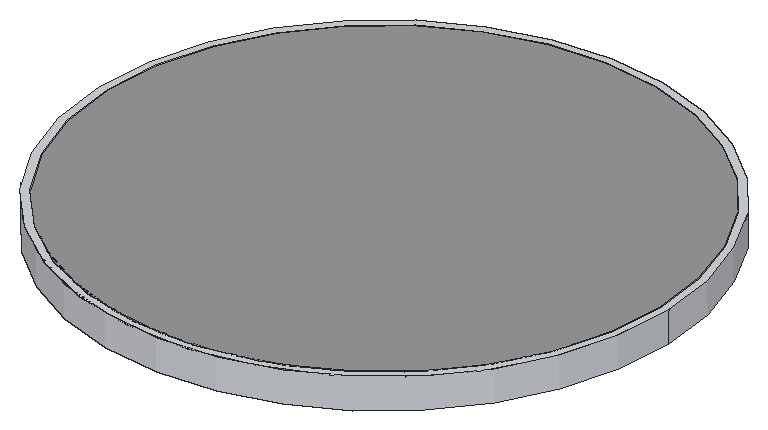
Revit family "2071294", category Lighting Fixtures, host Face, Revit 2018
Family settings
  Host = Face
  Round Connector Dimension = Use Diameter
  Part Type = Junction Box
  OmniClass Number = 23.80.70.00
  OmniClass Title = Lighting
  Cut with Voids When Loaded = No
  Light Source = Yes
  Shared = No
  Room Calculation Point = No
Parameters (values of type "2071294 COLOSSAL 1200 840 PR DIR WHT DALI EM")
  iner diameter = 1168 mm
  Weight = "n/a"
  Wattage Comments = ""
  Wattage = 30 W
  WarrantyStartDate [instance] = "n/a"
  WarrantyGuarantorParts = "n/a"
  WarrantyDurationUnit = "n/a"
  WarrantyDurationParts = ""
  WarrantyDescription = "http://www.sylvania-lighting.com"
  built-in parameter 1150110 = 1 (stored number, unit not read)
  Voltage = 230 V
  URL = "0.95"
  TypeName = "COLOSSAL 1200mm 840 PRISM DIR WHITE DALI EM"
  Type Image = <None>
  Type Comments = "n/a"
  built-in parameter 1114217 = 1 (stored number, unit not read)
  Tilt Angle = -90.00°
  built-in parameter 1150109 = 1 (stored number, unit not read)
  built-in parameter 1150134 = (empty or 0)
  built-in parameter 1150113 = 1 (stored number, unit not read)
  SerialNumber [instance] = "n/a"
  Photometric Web File = "2071294.ies"
  Material_3_SYL = LED-Sylvania
  PowerFactor = 0
  PowerConsumption = "Lighting"
  NominalLength = 1168 mm
  NominalHeight = 93 mm
  NominalDepth = 1168 mm
  Name = "COLOSSAL 1200mm 840 PRISM DIR WHITE DALI EM"
  ModelReference = Name  # "COLOSSAL 1200mm 840 PRISM DIR WHITE DALI EM"
  ModelNumber = "2071294"
  Model = Name  # "COLOSSAL 1200mm 840 PRISM DIR WHITE DALI EM"
  Material = "Feilo Sylvania"
  ManufacturerName = "138 lm/W"
  Manufacturer = ""
  LuminousEfficacy = ""
  built-in parameter 1150105 = 270.44 (stored number, unit not read)
  Lumens = 3398.4 lm
  LuminaireType = "0"
  built-in parameter 1150115 = 1 (stored number, unit not read)
  LightOutputRatio = "LED"
  built-in parameter 1150137 = (empty or 0)
  built-in parameter 1150139 = (empty or 0)
  LampsType = Lamp  # "n/a"
  LampNominalLuminous = "4000 K"
  LampMacAdamStep = "80"
  LampColourTemperature = "LED"
  LampColourRenderingIndex = "16500"
  built-in parameter 1150112 = 1 (stored number, unit not read)
  built-in parameter 1150114 = 1 (stored number, unit not read)
  Lamp = "n/a"
  Keynote = "n/a"
  InstallationDate [instance] = "n/a"
  InputVoltage = "0"
  InputNominalFrequency = "4000"
  built-in parameter 1150132 = (empty or 0)
  built-in parameter 1150102 = (empty or 0)
  built-in parameter 1150107 = 3000 (stored number, unit not read)
  built-in parameter 1150138 = (empty or 0)
  IngressProtection = "IfcLightFixtureType"
  ImpactProtectionIndex = "IfcLightFixtureType"
  built-in parameter 1150106 = 2.7044 (stored number, unit not read)
  IfcExportType = "IfcLightFixtureType"
  IfcExportAs = "Class I"
  Emit from Circle Diameter = 385 mm
  Emit Shape Visible in Rendering = no
  ElectricShockClassification = "138"
  built-in parameter 1150104 = 10.524 (stored number, unit not read)
  DocumentationLiterature = "http://www.sylvania-lighting.com/product/en-int/products/2071294"
  DimmingControlOptions = "n/a"
  Material_2_SYL = Polycarbonate_Sylvania_White
  Dimming Lamp Color Temperature Shift = <None>
  Description = "1200mm diameter circular architectural luminaire, can be surface mounted or suspended. Powder coated aluminium housing (RAL9016) with PMMA prismatic diffuser. Direct light distribution, 16510lm luminuous flux, 120W system power, 138lm/W luminiaire efficacy. DALI dimmable. 3 hours integrated emergency. Colour rendering index Ra >80, 4000K Neutral White LED, chromaticity tolerance of 3-step MacAdam ellipse. IP40/IP20, IK03. 350mA drive current. UGR≤19. Electrical protection Class1, 220-240V. Reported lifetime 66k hours L90B10."
  Default Elevation = 1219.2 mm
  CreatedOn = "23/03/2022"
  CreatedBy = "@sylvania-lighting.com"
  Cost = 0
  Color Filter = 16777215
  built-in parameter 1114216 [instance] = (empty or 0)
  ClassificationValue = "EF_70_80"
  ClassificationName = "Uniclass2015"
  Material_1_SYL = Polycarbonate_Sylvania_Opal
  BarCode [instance] = "n/a"
  built-in parameter 1114218 = 1 (stored number, unit not read)
  built-in parameter 1150133 = 10 (stored number, unit not read)
  AssetType = "Fixed"
  AssetIdentifier [instance] = "n/a"
  Assembly Code = "D5020200"
  Apparent Load = 120 VA
  Material_4_SYL = none
Reference planes
  plane 1 "Center (Front/Back)": y = 0
  plane 2: z = 0
  plane 3 "Center (Left/Right)": x = 0
  plane 4: z = 1.161
  plane 5: z = 16.161
  plane 6: y = 584
  plane 7: y = -584
  plane 8: x = 85
  plane 9: x = -85
  plane 10: through (0, 0, 1219.2) normal (0.5, 0.866, 0)
  plane 11: through (42.5, 73.612, 1219.2) normal (0.5, 0.866, 0)
  plane 12: through (-42.5, -73.612, 1219.2) normal (0.5, 0.866, 0)
  plane 13: through (0, 0, 1219.2) normal (0.5, -0.866, 0)
  plane 14: through (-42.5, 73.612, 1219.2) normal (0.5, -0.866, 0)
  plane 15: through (42.5, -73.612, 1219.2) normal (0.5, -0.866, 0)
  plane 16: z = 93
  plane 17: y = 584
  plane 18: y = -584
  plane 19: y = -429
  plane 20: x = -584
  plane 21: x = 584
Forms (mm)
  Extrusion 1, solid, detail levels medium+fine
    sketch origin (0, 0, 0) x (0.866025, -0.5, 0) y (0.5, 0.866025, 0)
      loop
        circle (-50, 86.603) r 22
    from 0 to 2
  Extrusion 2, solid, detail levels medium+fine
    sketch origin (0, 0, 0) x (0.866025, -0.5, 0) y (0.5, 0.866025, 0)
      loop
        circle (100, 0) r 22
      loop
        circle (-50, -86.603) r 22
    from 0 to 2
  Extrusion 3, solid, detail levels medium+fine
    sketch origin (0, 0, 0) x (1, 0, 0) y (0, 1, 0)
      loop
        circle (0, 0) r 584
    from 30 to 93
  Extrusion 4, void
    sketch origin (0, 0, 0) x (1, 0, 0) y (0, 1, 0)
      loop
        circle (0, 0) r 568
    from 96.588 to 37.292
  Extrusion 5, solid, material "Glass, White, High Luminance", detail levels fine
    sketch origin (0, 0, 0) x (1, 0, 0) y (0, 1, 0)
      loop
        circle (0, 0) r 568
    from 88.022 to 93
  Extrusion 6, solid, detail levels coarse
    sketch origin (0, 0, 0) x (1, 0, 0) y (0, 1, 0)
      loop
        line (-584, 584) -> (-584, -584) -> (584, -584) -> (584, 584) -> (-584, 584)
    from 0 to 93
  Blend 7, solid, detail levels medium+fine
    base sketch origin (-10.814, 11.299, 29.922) x (1, 0, 0) y (0, 1, 0)
      loop
        line (-402.654, -330.622) -> (397.346, -330.622) -> (482.346, -183.398) -> (82.346, 509.423) -> (-87.654, 509.423) -> (-487.654, -183.398) -> (-402.654, -330.622)
    top sketch origin (-10.814, 11.299, 29.922) x (1, 0, 0) y (0, 1, 0)
      loop
        line (-363.391, -306.496) -> (364.632, -306.496) -> (449.632, -159.272) -> (87.132, 468.597) -> (-82.868, 468.597) -> (-445.368, -159.272) -> (-363.391, -306.496)
    from 0 to -30
Cuts and joins
  Extrusion 4 cuts Extrusion 1
  Extrusion 4 cuts Extrusion 2
  Extrusion 4 cuts Extrusion 3
Lines and regions (mm)
  model lines, detail levels medium+fine
    curve 1: circle (0, 0, 0) r 155 normal (0, 0, 1)
  reference lines
    curve 2: circle (0, 0, 0) r 489 normal (0, 0, 1)
    curve 3: circle (0, 0, 0) r 521 normal (0, 0, 1)
    curve 4: line (0, 0, 0) -> (606.218, -350, 0)
    curve 5: line (0, 0, 0) -> (0, 825, 0)
    curve 6: line (0, 0, 0) -> (-623.538, -360, 0)
    curve 7: line (639.013, -270.785, 0) -> (85, 49.075, 0)
    curve 8: line (563.718, -423.612, 0) -> (0, -98.15, 0)
    curve 9: line (85, 49.075, 0) -> (85, 825, 0)
    curve 10: line (-85, 49.075, 0) -> (-85, 825, 0)
    curve 11: line (-85, 49.075, 0) -> (-666.038, -286.388, 0)
    curve 12: line (-581.038, -433.612, 0) -> (0, -98.15, 0)
Dimensions and locks
  plane 4 to level = 1.161 mm
  locked: plane 5 to plane 4 at 15
  "NominalDepth": plane 6 to plane 7
  plane 6 to plane 1 "Center (Front/Back)" to plane 7 = 584 mm, 584 mm
  "NominalHeight": level to plane 16
  equal spacing: plane 17, plane 1 "Center (Front/Back)", plane 18
  "NominalLength": plane 20 to plane 21
  equal spacing: plane 20, plane 3 "Center (Left/Right)", plane 21
  aligned and locked: plane 2 to host face
  aligned and locked: level to host face
  aligned and locked: plane 6 to Extrusion 6
Automatic sketch dimensions
  host sketch curve to host sketch curve = 2438.4 mm  (x2)
  Extrusion 1 sketch curve to plane 3 "Center (Left/Right)" = 0 mm
  Extrusion 1 sketch curve to plane 1 "Center (Front/Back)" = 100 mm
  plane 1 "Center (Front/Back)" to Extrusion 2 sketch curve = 50 mm
  Extrusion 2 sketch curve to plane 3 "Center (Left/Right)" = 86.603 mm
  Extrusion 2 sketch curve to Extrusion 2 sketch curve = 150 mm
  Extrusion 2 sketch curve to Extrusion 2 sketch curve = 86.603 mm
  plane 1 "Center (Front/Back)" to curve 1 = 0 mm
  curve 1 to plane 3 "Center (Left/Right)" = 0 mm
  plane 1 "Center (Front/Back)" to Extrusion 3 sketch curve = 0 mm
  Extrusion 3 sketch curve to plane 3 "Center (Left/Right)" = 0 mm
  plane 1 "Center (Front/Back)" to Extrusion 4 sketch curve = 0 mm
  Extrusion 4 sketch curve to plane 3 "Center (Left/Right)" = 0 mm
  plane 1 "Center (Front/Back)" to Extrusion 5 sketch curve = 0 mm
  Extrusion 5 sketch curve to plane 3 "Center (Left/Right)" = 0 mm
  curve 2 to curve 3 = 0 mm  (x2)
  curve 11 to plane 14 = 0 mm
  curve 6 to plane 13 = 0 mm
  curve 12 to plane 15 = 0 mm
  curve 10 to plane 9 = 0 mm
  curve 12 to plane 3 "Center (Left/Right)" = 0 mm
  plane 1 "Center (Front/Back)" to curve 3 = 0 mm
  curve 3 to plane 3 "Center (Left/Right)" = 0 mm
  curve 7 to plane 8 = 0 mm
  curve 11 to plane 10 = 0 mm
  curve 12 to plane 19 = 4.612 mm
  plane 19 to curve 6 = 69 mm
  plane 19 to curve 11 = 142.612 mm
  plane 19 to curve 8 = 5.388 mm
  plane 19 to curve 4 = 79 mm
  plane 19 to curve 7 = 158.215 mm
  plane 6 to curve 5 = 241 mm
  curve 10 to curve 5 = 0 mm
  curve 5 to curve 9 = 0 mm
  plane 1 "Center (Front/Back)" to curve 6 = 0 mm
  curve 6 to plane 3 "Center (Left/Right)" = 0 mm
  Extrusion 6 sketch curve to plane 7 = 0 mm
  Extrusion 6 sketch curve to plane 6 = 0 mm
  Blend 7 sketch curve to plane 6 = 756.098 mm  (x2)
  Blend 7 sketch curve to Blend 7 sketch curve = 85 mm
  plane 3 "Center (Left/Right)" to Blend 7 sketch curve = 386.532 mm
  plane 8 to Blend 7 sketch curve = 386.532 mm
  Blend 7 sketch curve to plane 6 = 63.278 mm
  Blend 7 sketch curve to plane 6 = 731.972 mm  (x2)
  Blend 7 sketch curve to Blend 7 sketch curve = 81.977 mm
  plane 3 "Center (Left/Right)" to Blend 7 sketch curve = 353.818 mm
  plane 8 to Blend 7 sketch curve = 353.818 mm
  Blend 7 sketch curve to plane 6 = 104.104 mm
  plane 12 to curve 8 = 0 mm
  plane 19 to Blend 7 sketch curve = 109.677 mm
  plane 19 to Blend 7 sketch curve = 133.803 mm
  plane 8 to Extrusion 6 sketch curve = 499 mm
  Extrusion 6 sketch curve to plane 9 = 499 mm
  Blend 7 sketch curve to plane 8 = 13.468 mm
  Blend 7 sketch curve to plane 9 = 13.468 mm
  Blend 7 sketch curve to plane 9 = 328.468 mm
  Blend 7 sketch curve to plane 8 = 8.682 mm
  Blend 7 sketch curve to plane 9 = 8.682 mm
  Blend 7 sketch curve to plane 9 = 289.205 mm
  plane 10 to curve 4 = 0 mm
  plane 11 to curve 7 = 0 mm
  curve 12 to plane 12 = 0 mm
  curve 9 to plane 11 = 0 mm
  radius of Extrusion 1 sketch curve = 22 mm
  radius of Extrusion 2 sketch curve = 22 mm  (x2)
  radius of curve 1 = 155 mm
  radius of Extrusion 3 sketch curve = 584 mm
  radius of Extrusion 4 sketch curve = 568 mm
  radius of Extrusion 5 sketch curve = 568 mm
  radius of curve 2 = 489 mm
  radius of curve 3 = 521 mm
Connectors
  electrical at (0, 0, 30)
    settings: on cut or joined group of Extrusion 3, Extrusion 4, index 1, voltage 0 V, apparent load 0 VA, apparent load phase1 0 VA, apparent load phase2 0 VA, apparent load phase3 0 VA, power factor 1, load classification "Other", number of poles 1, system type 31, power factor state 1, is connector primary yes, connector utility no, sub classification motor no, connector description ""
